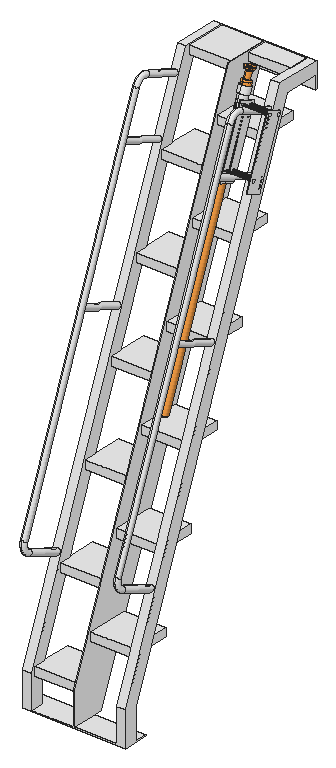
Revit family "Construction_Stairs-Precision_Ladders-Alternating_Tread_Ladder-V1", category Specialty Equipment, Revit 2019 (continued)
Definition of nested family "Ladder"
  Definition of nested family "Construction_Stairs-Precision_Ladders-Extend_A_Rail_Ladder_Safety_Post"
    Dimensions and locks (in)
      Revolve 13 sketch curve to Revolve 13 sketch curve to plane 1 "Center (Front/Back)" = 0' - 2 1/4" locked, 4' - 7.17648" locked
      Revolve 13 sketch curve to Revolve 13 sketch curve to plane 1 "Center (Front/Back)" = 0' - 0 1/4" locked, 4' - 8 9/16" locked
      locked: Revolve 13 sketch curve to plane 3 "Center (Left/Right)" at 0.875
      locked: plane 1 "Center (Front/Back)" to Revolve 13 sketch curve at 56.5625
      Revolve 14 sketch curve to Revolve 14 sketch curve to plane 1 "Center (Front/Back)" = 0' - 0 1/4" locked, 4' - 8 13/16" locked
      locked: Revolve 14 sketch curve to plane 3 "Center (Left/Right)" at 0.875
      locked: plane 1 "Center (Front/Back)" to Revolve 14 sketch curve at 57.0625
      Sweep 15 sketch curve to Sweep 15 sketch curve to plane 1 "Center (Front/Back)" = 0' - 1 5/8" locked, 4' - 9 1/16" locked
      locked: Sweep 15 sketch curve to plane 2 at 1.25
      Revolve 16 sketch curve to Revolve 16 sketch curve to plane 1 "Center (Front/Back)" = 0' - 0 1/4" locked, 4' - 10 15/16" locked
      locked: Revolve 16 sketch curve to plane 3 "Center (Left/Right)" at 0.875
      locked: plane 1 "Center (Front/Back)" to Revolve 16 sketch curve at 59.18751
      locked: Revolve 17 sketch curve to plane 3 "Center (Left/Right)" at 0.875
      locked: plane 1 "Center (Front/Back)" to Revolve 17 sketch curve at 58.6875
      locked: Revolve 17 sketch curve to Revolve 17 sketch curve at 0.25
      plane 1 "Center (Front/Back)" to Sweep 18 sketch curve to Sweep 18 sketch curve = 4' - 11 3/16" locked, 0' - 0 1/4"
      locked: Sweep 18 sketch curve to plane 2 at 1.25
      Revolve 19 sketch curve to Revolve 19 sketch curve to plane 1 "Center (Front/Back)" = 0' - 0 1/8" locked, 4' - 11 7/16" locked
      locked: Revolve 19 sketch curve to plane 3 "Center (Left/Right)" at 1
      locked: plane 1 "Center (Front/Back)" to Revolve 19 sketch curve at 59.43751
      locked: Extrusion 20 sketch curve to Extrusion 20 sketch curve at 0.4375
      locked: Extrusion 20 sketch curve to Extrusion 20 sketch curve at 0.375
      Extrusion 20 sketch curve to Extrusion 20 sketch curve to Extrusion 20 sketch curve = 0' - 0 3/8" locked, 0' - 0 7/16" locked  (x2)
      Extrusion 20 sketch curve to Extrusion 20 sketch curve to Extrusion 20 sketch curve = 0' - 0 7/16" locked, 0' - 0 3/8" locked
      Extrusion 20 sketch curve to Extrusion 20 sketch curve to Extrusion 20 sketch curve = 0' - 0 11/16" locked, 0' - 3" locked  (x3)
      Extrusion 20 sketch curve to Extrusion 20 sketch curve to Extrusion 20 sketch curve = 0' - 3" locked, 0' - 0 11/16" locked
      Extrusion 21 sketch curve to plane 3 "Center (Left/Right)" to Extrusion 21 sketch curve = 0' - 1 3/8" locked, 0' - 1 3/8" locked  (x2)
      Extrusion 21 sketch curve to plane 1 "Center (Front/Back)" to Extrusion 21 sketch curve = 0' - 5 7/16" locked, 0' - 7 5/16" locked  (x2)
      Extrusion 22 sketch curve to plane 3 "Center (Left/Right)" to Extrusion 22 sketch curve = 0' - 1 3/8" locked, 0' - 1 3/8" locked  (x2)
      Extrusion 22 sketch curve to plane 1 "Center (Front/Back)" to Extrusion 22 sketch curve = 0' - 5 7/16" locked, 0' - 7 5/16" locked
      Extrusion 22 sketch curve to plane 1 "Center (Front/Back)" to Extrusion 22 sketch curve = 0' - 7 5/16" locked, 0' - 5 7/16" locked
      Extrusion 23 sketch curve to plane 3 "Center (Left/Right)" to Extrusion 23 sketch curve = 0' - 1 3/8" locked, 0' - 1 3/8" locked  (x2)
      Extrusion 23 sketch curve to plane 1 "Center (Front/Back)" to Extrusion 23 sketch curve = 0' - 5 7/16" locked, 0' - 7 5/16" locked  (x2)
      locked: plane 3 "Center (Left/Right)" to Sweep 24 sketch curve at 0.5
      Sweep 24 sketch curve to Sweep 24 sketch curve to plane 1 "Center (Front/Back)" = 0' - 1.62311" locked, 0' - 3 5/8" locked
      locked: Sweep 24 sketch curve to Sweep 24 sketch curve at 0.59614
      locked: Sweep 24 sketch curve to Sweep 24 sketch curve at 0.70591
      Sweep 25 sketch curve to plane 1 "Center (Front/Back)" to Sweep 25 sketch curve = 4' - 5" locked, 0' - 10 9/16" locked
      locked: Sweep 25 sketch curve to profile plane at 1.25
      locked: Revolve 26 sketch curve to plane 1 "Center (Front/Back)" at 53  (x2)
      Sweep 27 sketch curve to Sweep 27 sketch curve to plane 1 "Center (Front/Back)" = 0' - 0 3/4" locked, 0' - 10 9/16" locked
      locked: Sweep 27 sketch curve to plane 2 at 1.25
      Sweep 28 sketch curve to plane 3 "Center (Left/Right)" to Sweep 28 sketch curve = 0' - 1.17105" locked, 0' - 1.1582" locked
      locked: plane 1 "Center (Front/Back)" to Sweep 28 sketch curve at 10.9375  (x2)
      locked: Sweep 28 sketch curve to plane 2 at 1.25
      locked: Sweep 29 sketch curve to plane 3 "Center (Left/Right)" at 0
      locked: Sweep 29 sketch curve to plane 3 "Center (Left/Right)" at 1.35408
      locked: Sweep 29 sketch curve to Sweep 29 sketch curve at 2.25
      locked: Sweep 29 sketch curve to plane 2 at 2.10508
      locked: Sweep 29 sketch curve to plane 1 "Center (Front/Back)" at 50.25
      locked: Revolve 30 sketch curve to Revolve 30 sketch curve at 0.25
      locked: Revolve 30 sketch curve to plane 1 "Center (Front/Back)" at 11.3125
      locked: Revolve 30 sketch curve to plane 3 "Center (Left/Right)" at 0.875
      locked: plane 1 "Center (Front/Back)" to Revolve 30 sketch curve at 11.3125
      Revolve 31 sketch curve to Revolve 31 sketch curve to plane 1 "Center (Front/Back)" = 0' - 0 1/4" locked, 0' - 11 9/16" locked
      locked: Revolve 31 sketch curve to plane 3 "Center (Left/Right)" at 0.875
      locked: plane 1 "Center (Front/Back)" to Revolve 31 sketch curve at 11.8125
      Sweep 32 sketch curve to Sweep 32 sketch curve to plane 1 "Center (Front/Back)" = 0' - 1 5/8" locked, 0' - 11 13/16" locked
      locked: plane 2 to Sweep 32 sketch curve at 1.25
      Revolve 33 sketch curve to Revolve 33 sketch curve to plane 1 "Center (Front/Back)" = 0' - 0 1/4" locked, 1' - 1 11/16" locked
      locked: Revolve 33 sketch curve to plane 3 "Center (Left/Right)" at 0.875
      locked: plane 1 "Center (Front/Back)" to Revolve 33 sketch curve at 13.93751
      Revolve 34 sketch curve to Revolve 34 sketch curve to plane 1 "Center (Front/Back)" = 0' - 0 1/4" locked, 1' - 1 7/16" locked
      locked: Revolve 34 sketch curve to plane 3 "Center (Left/Right)" at 0.875
      locked: plane 1 "Center (Front/Back)" to Revolve 34 sketch curve at 13.4375
      Sweep 35 sketch curve to Sweep 35 sketch curve to plane 1 "Center (Front/Back)" = 0' - 0 1/4" locked, 1' - 1 15/16" locked
      locked: Sweep 35 sketch curve to plane 2 at 1.25
      Revolve 36 sketch curve to Revolve 36 sketch curve to plane 1 "Center (Front/Back)" = 0' - 0 1/8" locked, 1' - 2 3/16" locked
      locked: Revolve 36 sketch curve to plane 3 "Center (Left/Right)" at 1
      locked: plane 1 "Center (Front/Back)" to Revolve 36 sketch curve at 14.18751
      equal spacing: Extrusion 20 sketch curve, plane 1 "Center (Front/Back)", Extrusion 20 sketch curve, locked at 8 each
      equal spacing: Extrusion 20 sketch curve, plane 3 "Center (Left/Right)", Extrusion 20 sketch curve, locked at 2 each
      locked: Revolve 7 sketch curve to plane 2 at 1.25
      locked: Revolve 13 sketch curve to plane 2 at 1.25
      locked: Revolve 14 sketch curve to plane 2 at 1.25
      locked: Revolve 16 sketch curve to plane 2 at 1.25
      locked: Revolve 17 sketch curve to plane 2 at 1.25
      locked: Revolve 19 sketch curve to plane 2 at 1.25
      locked: Revolve 26 sketch curve to plane 2 at 1.25
      locked: Revolve 30 sketch curve to plane 2 at 1.25
      locked: Revolve 31 sketch curve to plane 2 at 1.25
      locked: Revolve 33 sketch curve to plane 2 at 1.25
      locked: Revolve 34 sketch curve to plane 2 at 1.25
      locked: Revolve 36 sketch curve to plane 2 at 1.25
      aligned and locked: plane 2 to Extrusion 1
      aligned and locked: level to Extrusion 1
      aligned and locked: Extrusion 9 to Sweep 8
      aligned and locked: plane 4 to Extrusion 21
      aligned and locked: plane 4 to Extrusion 2
      aligned and locked: Extrusion 23 to Extrusion 2
      aligned and locked: Extrusion 22 to Extrusion 20
      aligned and locked: plane 7 to Extrusion 23
      aligned and locked: Extrusion 22 to plane 8
      aligned and locked: plane 12 to Revolve 14
      aligned and locked: plane 11 to Revolve 14
      aligned and locked: plane 11 to cut or joined group of Sweep 3, Sweep 6, Revolve 7, Sweep 10, Sweep 11, Sweep 12, Revolve 13, Sweep 15, Revolve 16, Sweep 18, Revolve 19, Sweep 28
      aligned and locked: plane 10 to Revolve 17
      aligned and locked: plane 9 to Revolve 17
      aligned and locked: plane 16 to Revolve 31
      aligned and locked: plane 15 to Revolve 31
      aligned and locked: plane 14 to Revolve 34
      aligned and locked: plane 13 to Revolve 34
      aligned and locked: plane 5 to Extrusion 20
      aligned and locked: Extrusion 21 to Extrusion 20
      aligned and locked: plane 6 to Extrusion 20
      aligned and locked: Masking region 5 sketch curve to Extrusion 2  (x4)
      aligned and locked: Extrusion 23 to Masking region 6 sketch curve  (x2)
      aligned and locked: Masking region 6 sketch curve to Extrusion 23  (x6)
      aligned and locked: Masking region 7 sketch curve to Extrusion 20  (x4)
      aligned and locked: Masking region 8 sketch curve to Extrusion 22  (x7)
      aligned and locked: Extrusion 22 to Masking region 8 sketch curve
      aligned and locked: Masking region 9 sketch curve to Extrusion 2  (x2)
      aligned and locked: Masking region 9 sketch curve to Extrusion 20  (x2)
      aligned and locked: Masking region 9 sketch curve to plane 4  (x2)
      aligned and locked: Masking region 9 sketch curve to plane 6  (x2)
      aligned and locked: plane 3 "Center (Left/Right)" to Sweep 3 sketch curve  (x2)
      aligned and locked: plane 3 "Center (Left/Right)" to Sweep 4 sketch curve
      aligned and locked: Sweep 4 sketch curve to plane 3 "Center (Left/Right)"
      aligned and locked: Sweep 5 sketch curve to plane 3 "Center (Left/Right)"
      aligned and locked: plane 3 "Center (Left/Right)" to Sweep 5 sketch curve  (x2)
      aligned and locked: Sweep 6 sketch curve to plane 3 "Center (Left/Right)"
      aligned and locked: plane 3 "Center (Left/Right)" to Sweep 6 sketch curve
      aligned and locked: Revolve 7 sketch curve to plane 3 "Center (Left/Right)"
      aligned and locked: plane 3 "Center (Left/Right)" to Revolve 7 sketch curve
      aligned and locked: plane 3 "Center (Left/Right)" to Sweep 10 sketch curve
      aligned and locked: Revolve 13 sketch curve to plane 3 "Center (Left/Right)"
      aligned and locked: plane 3 "Center (Left/Right)" to Revolve 14 sketch curve  (x2)
      aligned and locked: plane 3 "Center (Left/Right)" to Sweep 15 sketch curve  (x2)
      aligned and locked: plane 3 "Center (Left/Right)" to Revolve 16 sketch curve
      aligned and locked: Revolve 16 sketch curve to plane 3 "Center (Left/Right)"
      aligned and locked: Revolve 17 sketch curve to plane 3 "Center (Left/Right)"
      aligned and locked: plane 3 "Center (Left/Right)" to Sweep 18 sketch curve  (x2)
      aligned and locked: Revolve 19 sketch curve to plane 3 "Center (Left/Right)"
      aligned and locked: plane 3 "Center (Left/Right)" to Sweep 24 sketch curve  (x2)
      aligned and locked: Sweep 25 sketch curve to plane 3 "Center (Left/Right)"
      aligned and locked: plane 3 "Center (Left/Right)" to Sweep 25 sketch curve
      aligned and locked: Revolve 26 sketch curve to plane 3 "Center (Left/Right)"
      aligned and locked: plane 3 "Center (Left/Right)" to Revolve 26 sketch curve
      aligned and locked: plane 3 "Center (Left/Right)" to Sweep 27 sketch curve  (x2)
      aligned and locked: Revolve 30 sketch curve to plane 3 "Center (Left/Right)"
      aligned and locked: plane 3 "Center (Left/Right)" to Revolve 31 sketch curve
      aligned and locked: plane 3 "Center (Left/Right)" to Sweep 32 sketch curve  (x2)
      aligned and locked: plane 3 "Center (Left/Right)" to Revolve 33 sketch curve
      aligned and locked: Revolve 34 sketch curve to plane 3 "Center (Left/Right)"
      aligned and locked: plane 3 "Center (Left/Right)" to Sweep 35 sketch curve  (x2)
      aligned and locked: Revolve 36 sketch curve to plane 3 "Center (Left/Right)"
      aligned and locked: Sweep 8 sketch curve to plane 2
      aligned and locked: Sweep 24 sketch curve to plane 2
    Automatic sketch dimensions
      Extrusion 1 sketch curve to Extrusion 1 sketch curve = 8' - 0"
      Extrusion 1 sketch curve to Extrusion 1 sketch curve = 10' - 7"
      Extrusion 2 sketch curve to Extrusion 2 sketch curve = 0' - 0 1/4"  (x4)
      Extrusion 2 sketch curve to Extrusion 2 sketch curve = 0' - 0 3/16"  (x6)
      plane 3 "Center (Left/Right)" to Extrusion 2 sketch curve = 0' - 1 3/16"  (x2)
      Extrusion 2 sketch curve to Extrusion 2 sketch curve = 0' - 0 7/16"  (x4)
      Extrusion 2 sketch curve to Extrusion 2 sketch curve = 0' - 3"
      Extrusion 2 sketch curve to Extrusion 2 sketch curve = 0' - 0"  (x2)
      Extrusion 2 sketch curve to Extrusion 2 sketch curve = 0' - 3 7/16"
      Revolve 7 sketch curve to Revolve 7 sketch curve = 0' - 0 5/16"
      Sweep 8 sketch curve to Sweep 8 sketch curve = 0' - 0"  (x2)
      profile plane to Sweep 8 sketch curve = 0' - 0 1/2"
      profile plane to Sweep 8 sketch curve = 0' - 0 19/64"
      Sweep 8 sketch curve to Sweep 8 sketch curve = 0' - 0 3/64"
      Sweep 8 sketch curve to profile plane = 0' - 0 7/64"
      Sweep 8 sketch curve to Sweep 8 sketch curve = 0' - 0 9/64"
      level to Sweep 8 sketch curve = 0' - 1 1/4"
      Sweep 8 sketch curve to Sweep 8 sketch curve = 0' - 0.53742"
      Sweep 8 sketch curve to Sweep 8 sketch curve = 0' - 0.12402"
      Extrusion 9 sketch curve to Extrusion 9 sketch curve = 0' - 0"  (x2)
      Extrusion 9 sketch curve to plane 3 "Center (Left/Right)" = 0' - 0"
      Extrusion 9 sketch curve to Extrusion 9 sketch curve = 0' - 0.1329"
      Sweep 10 sketch curve to plane 3 "Center (Left/Right)" = 0' - 0"
      plane 7 to Sweep 12 sketch curve = 0' - 0.70662"
      Sweep 12 sketch curve to profile plane = 0' - 0"
      Revolve 13 sketch curve to plane 3 "Center (Left/Right)" = 0' - 0"
      Revolve 14 sketch curve to plane 12 = 0' - 0"
      Revolve 14 sketch curve to Revolve 14 sketch curve = 0' - 0"
      Revolve 14 sketch curve to plane 12 = 0' - 0.42102"
      Revolve 14 sketch curve to Revolve 14 sketch curve = 0' - 0.25937"
      Revolve 16 sketch curve to plane 10 = 0' - 0.36398"
      Revolve 16 sketch curve to Revolve 16 sketch curve = 0' - 1.38602"
      Revolve 17 sketch curve to plane 9 = 0' - 0"
      Revolve 17 sketch curve to plane 3 "Center (Left/Right)" = 0' - 0"
      Revolve 17 sketch curve to Revolve 17 sketch curve = 0' - 0"
      Revolve 17 sketch curve to plane 10 = 0' - 0.25937"
      Revolve 17 sketch curve to Revolve 17 sketch curve = 0' - 0.42102"
      Revolve 19 sketch curve to plane 3 "Center (Left/Right)" = 0' - 0"
      Revolve 19 sketch curve to plane 10 = 0' - 0.63602"
      Revolve 19 sketch curve to Revolve 19 sketch curve = 0' - 0.73898"
      Extrusion 20 sketch curve to Extrusion 20 sketch curve = 0' - 0 3/16"  (x2)
      Extrusion 20 sketch curve to Extrusion 20 sketch curve = 0' - 0 1/4"  (x2)
      Sweep 24 sketch curve to Sweep 24 sketch curve = 0' - 0"
      Sweep 24 sketch curve to Sweep 24 sketch curve = 0' - 0.14377"
      Sweep 24 sketch curve to profile plane = 0' - 0.18997"
      Sweep 24 sketch curve to Sweep 24 sketch curve = 0' - 0.04699"
      level to Sweep 24 sketch curve = 0' - 1 1/4"
      Sweep 24 sketch curve to Sweep 24 sketch curve = 0' - 0.12679"
      Revolve 26 sketch curve to Revolve 26 sketch curve = 0' - 0 13/16"
      Revolve 26 sketch curve to Revolve 26 sketch curve = 0' - 0 5/16"
      Revolve 26 sketch curve to Revolve 26 sketch curve = 0' - 2.25018"
      Revolve 26 sketch curve to Revolve 26 sketch curve = 0' - 4.43732"
      plane 7 to Sweep 29 sketch curve = 0' - 0.70662"
      Sweep 29 sketch curve to profile plane = 0' - 0"
      profile plane to Sweep 29 sketch curve = 0' - 5"
      Revolve 30 sketch curve to plane 3 "Center (Left/Right)" = 0' - 0"
      Revolve 30 sketch curve to Revolve 30 sketch curve = 0' - 1.38602"
      plane 15 to Revolve 30 sketch curve = 0' - 0.36398"
      Revolve 31 sketch curve to plane 16 = 0' - 0"
      Revolve 31 sketch curve to plane 3 "Center (Left/Right)" = 0' - 0"
      Revolve 31 sketch curve to Revolve 31 sketch curve = 0' - 0"
      Revolve 31 sketch curve to plane 16 = 0' - 0.42102"
      Revolve 31 sketch curve to Revolve 31 sketch curve = 0' - 0.25937"
      Revolve 33 sketch curve to plane 3 "Center (Left/Right)" = 0' - 0"
      Revolve 33 sketch curve to plane 14 = 0' - 0.36398"
      Revolve 33 sketch curve to Revolve 33 sketch curve = 0' - 1.38602"
      Revolve 34 sketch curve to plane 13 = 0' - 0"
      Revolve 34 sketch curve to plane 3 "Center (Left/Right)" = 0' - 0"
      Revolve 34 sketch curve to Revolve 34 sketch curve = 0' - 0"
      Revolve 34 sketch curve to plane 14 = 0' - 0.25937"
      Revolve 34 sketch curve to Revolve 34 sketch curve = 0' - 0.42102"
      Revolve 36 sketch curve to plane 3 "Center (Left/Right)" = 0' - 0"
      Revolve 36 sketch curve to plane 14 = 0' - 0.63602"
      Revolve 36 sketch curve to Revolve 36 sketch curve = 0' - 0.73898"
      Masking region 1 sketch curve to plane 3 "Center (Left/Right)" = 0' - 0"
      plane 7 to Masking region 1 sketch curve = 0' - 0 3/4"
      Masking region 2 sketch curve to plane 4 = 0' - 0"
      Masking region 2 sketch curve to level = 0' - 0"
      Masking region 2 sketch curve to plane 3 "Center (Left/Right)" = 0' - 2"
      plane 3 "Center (Left/Right)" to Masking region 2 sketch curve = 0' - 2"
      Masking region 3 sketch curve to plane 3 "Center (Left/Right)" = 0' - 0"
      plane 7 to Masking region 3 sketch curve = 0' - 0 3/4"
      Masking region 4 sketch curve to plane 3 "Center (Left/Right)" = 0' - 0"
      plane 3 "Center (Left/Right)" to Masking region 4 sketch curve = 0' - 0.40674"
      Masking region 4 sketch curve to Masking region 4 sketch curve = 0' - 0.39219"
      plane 3 "Center (Left/Right)" to Masking region 4 sketch curve = 0' - 1.15358"
      Masking region 4 sketch curve to Masking region 4 sketch curve = 0' - 0.40016"
      plane 7 to Masking region 4 sketch curve = 0' - 0 3/4"
      Masking region 4 sketch curve to Masking region 4 sketch curve = 0' - 0.60142"
      curve 1 to plane 3 "Center (Left/Right)" = 0' - 1 1/4"
      plane 3 "Center (Left/Right)" to curve 1 = 0' - 1 1/4"
      plane 7 to curve 1 = 0' - 0 3/4"
      curve 2 to plane 3 "Center (Left/Right)" = 0' - 1 9/16"
      plane 3 "Center (Left/Right)" to curve 3 = 0' - 1 9/16"
      plane 1 "Center (Front/Back)" to curve 3 = 0' - 5 13/16"
      curve 3 to plane 3 "Center (Left/Right)" = 0' - 1 9/16"
      plane 3 "Center (Left/Right)" to curve 2 = 0' - 1 9/16"
      curve 2 to plane 16 = 0' - 5 3/4"
      radius of Sweep 3 sketch curve = 0' - 0 3/4"
      radius of Sweep 4 sketch curve = 0' - 1 1/4"
      radius of Sweep 5 sketch curve = 0' - 1"
      radius of Sweep 5 sketch curve = 0' - 0 13/16"
      radius of Sweep 6 sketch curve = 0' - 0 13/16"
      radius of Sweep 10 sketch curve = 0' - 1 1/8"
      radius of Sweep 11 sketch curve = 0' - 0 1/4"
      radius of Sweep 12 sketch curve = 0' - 0 1/4"
      radius of Sweep 15 sketch curve = 0' - 0 5/8"
      radius of Sweep 18 sketch curve = 0' - 1 1/8"
      radius of Extrusion 21 sketch curve = 0' - 0 3/16"  (x4)
      radius of Extrusion 22 sketch curve = 0' - 0 1/4"  (x4)
      radius of Extrusion 23 sketch curve = 0' - 0 1/4"  (x4)
      radius of Sweep 25 sketch curve = 0' - 0 13/16"
      radius of Sweep 27 sketch curve = 0' - 1 1/8"
      radius of Sweep 28 sketch curve = 0' - 0 1/4"
      radius of Sweep 29 sketch curve = 0' - 0 1/4"
      radius of Sweep 32 sketch curve = 0' - 0 5/8"
      radius of Sweep 35 sketch curve = 0' - 1 1/8"
      radius of Masking region 1 sketch curve = 0' - 1"
      radius of Masking region 3 sketch curve = 0' - 1 1/4"
Types (2): name | With Walk-Thru | Riser Height Real | Model Number | Ladder Width Real | Ladder Width MIN | Ladder Width MAX | Ladder Width | Extend-A-Rail Real | Extend-A-Rail | Desired Riser Height
  With Walk-Thru | yes | 0' - 9 1/2" | "AT-2" | 2' - 4" | 2' - 4" | 2' - 4" | 2' - 4" | no | no | 0' - 9 1/2"
  To Roof Hatch | no | 0' - 9" | "AT-1" | 2' - 0" | 2' - 0" | 2' - 0" | 2' - 0" | yes | yes | 0' - 9"
